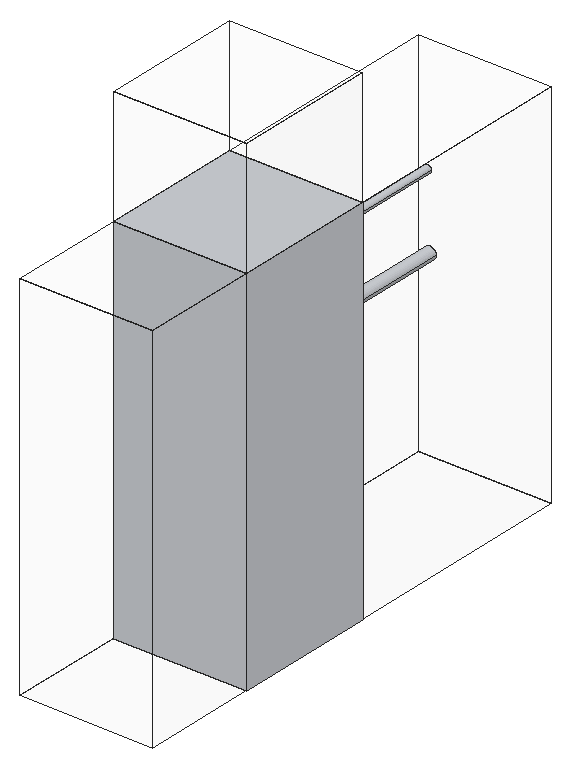
Revit family
Parameters (values of type "PBN2001")
  WATER CONN SIZE = 2 1/2"  # constant formula
  Voltage/Heater = "120"
  Total Amps = "6.5"
  Top Clearance Depth = 24"
  SES BIM Studio # = "201264901-7"
  GAS CONN SIZE = Gas Conn Radius * 2  # 1 1/2"
  Front Clearance Depth = 24"
  EXHAUST VENT SIZE = Exhaust Vent Radius * 2  # 14"
  Drain Radius = 3/8"  # constant formula
  Control Voltage = "24"
  C_WIDTH = 27 1/4"
  Exhaust Vent Radius = 7"
  G_Exhaust Vent Length = 8"
  M_Exhaust Vent Height = 27 1/2"
  F_Exhaust Vent Offset From Left = 13 1/2"
  URL = "http://www.lochinvar.com/products/default.aspx?type=productline&lineid=6"
  L_Water Outlet Offset From Left = 5 3/4"
  OUTPUT RATE (BTUH) = "1680000"
  Model = "PBN2001"
  Manufacturer = "Lochinvar"
  MODEL NO. = "PBN2001"
  B_LENGTH = 29 3/4"
  Keynote = ""
  Pipe Lengths = 24 1/2"
  K_Water Inlet & Outlet Height = 54 3/4"
  N_Water Inlet Offset From Left = 21 1/2"
  INPUT RATE (BTUH) = "2000000"
  A_HEIGHT = 76 3/4"
  D_Gas Conn Height = 70"
  Gas Conn Radius = 3/4"
  E_Gas Conn Offset From Left = 21"
  FUEL TYPE = ""
  Description = "Power-Fin Boiler"
  Back Clearance Depth = Pipe Lengths + 24"  # 48 1/2"
  Air Inlet Radius = 4"
  J_Air Inlet Offset From Left = 9 1/2"
  H_Air Inlet Offset From Top = 10"
  AIR INLET SIZE = Air Inlet Radius * 2  # 8"
  # of Connections = "1"
Types (8): name | Total Amps | Top Clearance Depth | GAS CONN SIZE | Front Clearance Depth | EXHAUST VENT SIZE | C_WIDTH | Exhaust Vent Radius | G_Exhaust Vent Length | M_Exhaust Vent Height | F_Exhaust Vent Offset From Left | L_Water Outlet Offset From Left | OUTPUT RATE (BTUH) | Model | MODEL NO. | B_LENGTH | Pipe Lengths | K_Water Inlet & Outlet Height | N_Water Inlet Offset From Left | INPUT RATE (BTUH) | A_HEIGHT | D_Gas Conn Height | Gas Conn Radius | E_Gas Conn Offset From Left | Back Clearance Depth | Air Inlet Radius | J_Air Inlet Offset From Left | H_Air Inlet Offset From Top | AIR INLET SIZE
  (no name) | "6.5" | 24" | 1 1/2" | 24" | 14" | 27 1/4" | 7" | 8" | 27 1/2" | 13 1/2" | 5 3/4" | "1680000" | "PBN2001" | "PBN2001" | 29 3/4" | 24 1/2" | 54 3/4" | 21 1/2" | "2000000" | 76 3/4" | 70" | 3/4" | 21" | 48 1/2" | 4" | 9 1/2" | 10" | 8"
  PBN0502 | "6.7" | 0" | 1" | 0" | 7" | 23 1/4" | 3 1/2" | 6" | 11 1/4" | 6 1/2" | 11 1/2" | "425000" | "PBN0502" | "PBN0502" | 28 1/2" | 15 1/4" | 23" | 17 1/2" | "500000" | 44 1/2" | 34" | 1/2" | 17 3/4" | 39 1/4" | 2 1/2" | 7 3/4" | 8" | 5"
  PBN0752 | "6.7" | 0" | 1 1/4" | 0" | 9" | 23 1/4" | 4 1/2" | 6" | 11 1/4" | 6 3/4" | 11 1/2" | "638000" | "PBN0752" | "PBN0752" | 28 1/2" | 15 1/4" | 30 1/2" | 17 1/2" | "750000" | 52" | 41 1/2" | 5/8" | 17 3/4" | 39 1/4" | 2 1/2" | 7 3/4" | 8" | 5"
  PBN1002 | "6.7" | 0" | 1 1/4" | 0" | 10" | 23 1/4" | 5" | 6" | 11 1/4" | 7 1/4" | 11 1/2" | "850000" | "PBN1002" | "PBN1002" | 28 1/2" | 15 1/4" | 37 3/4" | 17 1/2" | "999000" | 59 1/4" | 48 3/4" | 5/8" | 17 3/4" | 39 1/4" | 3" | 7 3/4" | 8" | 6"
  PBN1302 | "6.7" | 0" | 1 1/4" | 0" | 12" | 23 1/4" | 6" | 6" | 19 1/2" | 8 1/4" | 11 1/2" | "1105000" | "PBN1302" | "PBN1302" | 28 1/2" | 15 1/4" | 46 1/4" | 17 1/2" | "1300000" | 67 3/4" | 57 1/4" | 5/8" | 17 3/4" | 39 1/4" | 3" | 7 3/4" | 8" | 6"
  PBN1501 | "6.5" | 0" | 1 1/2" | 0" | 12" | 27 1/4" | 6" | 8" | 22 1/4" | 13 1/2" | 5 3/4" | "1260000" | "PBN1501" | "PBN1501" | 29 3/4" | 24 1/2" | 43 1/2" | 21 1/2" | "1500000" | 65 1/2" | 58 3/4" | 3/4" | 21" | 48 1/2" | 3" | 9 1/2" | 10" | 6"
  PBN1701 | "6.5" | 0" | 1 1/2" | 0" | 14" | 27 1/4" | 7" | 8" | 25" | 13 1/2" | 5 3/4" | "1428000" | "PBN1701" | "PBN1701" | 29 3/4" | 24 1/2" | 48" | 21 1/2" | "1700000" | 70" | 63 1/4" | 3/4" | 21" | 48 1/2" | 3 1/2" | 9 1/2" | 10" | 7"
  PBN2001 | "6.5" | 24" | 1 1/2" | 24" | 14" | 27 1/4" | 7" | 8" | 27 1/2" | 13 1/2" | 5 3/4" | "1680000" | "PBN2001" | "PBN2001" | 29 3/4" | 24 1/2" | 54 3/4" | 21 1/2" | "2000000" | 76 3/4" | 70" | 3/4" | 21" | 48 1/2" | 4" | 9 1/2" | 10" | 8"
Reference planes (in)
  plane 1 "Back": y = -9.25
  plane 2: z = 0
  plane 3 "Left": x = -4
  plane 4 "Front": y = -39
  plane 5 "Right": x = 23.25
  plane 6 "Pipe Length": y = 15.25
  plane 7 "Vent Length": y = -1.25
Forms (in)
  Extrusion 1, solid
    sketch origin (2, -32, 0) x (1, 0, 0) y (0, 1, 0)
      loop
        line (-6, -7) -> (21.25, -7) -> (21.25, 22.75) -> (-6, 22.75) -> (-6, -7)
    from 0 to 76.75 <- "A_HEIGHT"
  Extrusion 2, solid
    sketch origin (0, -9.25, 0) x (1, 0, 0) y (0, 0, 1)
      loop
        circle (9.5, 27.5) r 7
    from 0 to -8
  Extrusion 3, solid
    sketch origin (0, -9.25, 0) x (1, 0, 0) y (0, 0, 1)
      loop
        circle (1.75, 54.75) r 1.25
    from 0 to -24.5 <- "Pipe Lengths"
  Extrusion 4, solid
    sketch origin (7, -9.25, 0) x (1, 0, 0) y (0, 0, 1)
      loop
        circle (10.5, 54.75) r 1.25
    from 0 to -24.5
  Extrusion 5, solid
    sketch origin (7, -9.25, 9) x (1, 0, 0) y (0, 0, 1)
      loop
        circle (10, 61) r 0.75
    from 0 to -24.5
  Extrusion 6, solid
    sketch origin (0, -9.25, 0) x (1, 0, 0) y (0, 0, 1)
      loop
        circle (5.5, 66.75) r 4
    from 0 to -8
  Extrusion 7, solid, material "Clearance"
    sketch origin (-4, -9.25, 0) x (1, 0, 0) y (0, 0, -1)
      loop
        line (27.25, -76.75) -> (27.25, 0) -> (0, 0) -> (0, -76.75) -> (27.25, -76.75)
    from 0 to 48.5 <- "Back Clearance Depth"
  Extrusion 8, solid, material "Clearance"
    sketch origin (2, -32, 76.75) x (1, 0, 0) y (0, 1, 0)
      loop
        line (-6, 22.75) -> (-6, -7) -> (21.25, -7) -> (21.25, 22.75) -> (-6, 22.75)
    from 0 to 24
  Extrusion 9, solid, material "Clearance"
    sketch origin (23.25, -39, 0) x (-1, 0, 0) y (0, 0, -1)
      loop
        line (27.25, -76.75) -> (27.25, 0) -> (0, 0) -> (0, -76.75) -> (27.25, -76.75)
    from 0 to 24
  Extrusion 10, solid
    sketch origin (5.91779, -11.25, -26.39521) x (1, 0, 0) y (0, 0, 1)
      loop
        circle (9.5, 27.5) r 0.375
    from 0 to -8
  Extrusion 11, solid
    sketch origin (3.91779, -11.25, -26.39521) x (1, 0, 0) y (0, 0, 1)
      loop
        circle (9.5, 27.5) r 0.375
    from 0 to -8
Dimensions and locks (in)
  "F_Exhaust Vent Offset From Left": Extrusion 1 to Extrusion 2 sketch curve
  "M_Exhaust Vent Height": Extrusion 1 to Extrusion 2 sketch curve
  "L_Water Outlet Offset From Left": Extrusion 1 to Extrusion 3 sketch curve
  "K_Water Inlet & Outlet Height": level to Extrusion 3 sketch curve
  "K_Water Inlet & Outlet Height": level to Extrusion 4 sketch curve
  "N_Water Inlet Offset From Left": Extrusion 1 to Extrusion 4 sketch curve
  "E_Gas Conn Offset From Left": Extrusion 1 to Extrusion 5 sketch curve
  "D_Gas Conn Height": level to Extrusion 5 sketch curve
  "J_Air Inlet Offset From Left": Extrusion 1 to Extrusion 6 sketch curve
  "H_Air Inlet Offset From Top": Extrusion 6 sketch curve to Extrusion 1
  "B_LENGTH": plane 4 "Front" to plane 1 "Back"
  "C_WIDTH": plane 3 "Left" to plane 5 "Right"
  "G_Exhaust Vent Length": plane 1 "Back" to plane 7 "Vent Length"
  "Pipe Lengths": plane 1 "Back" to plane 6 "Pipe Length"
  "Exhaust Vent Radius": radius of Extrusion 2 sketch curve
  radius of Extrusion 3 sketch curve = 1 1/4"
  radius of Extrusion 4 sketch curve = 1 1/4"
  "Gas Conn Radius": radius of Extrusion 5 sketch curve
  "Air Inlet Radius": radius of Extrusion 6 sketch curve
  "Drain Radius": radius of Extrusion 10 sketch curve
  "Drain Radius": radius of Extrusion 11 sketch curve
  aligned and locked: Extrusion 1 to plane 3 "Left"  (x2)
  aligned and locked: Extrusion 1 to plane 1 "Back"  (x2)
  aligned and locked: Extrusion 1 to plane 4 "Front"
  aligned and locked: Extrusion 1 to plane 5 "Right"
  aligned and locked: Extrusion 5 to plane 6 "Pipe Length"
  aligned and locked: Extrusion 3 to plane 6 "Pipe Length"
  aligned and locked: Extrusion 4 to plane 6 "Pipe Length"
  aligned and locked: Extrusion 2 to plane 7 "Vent Length"
  aligned and locked: Extrusion 7 sketch curve to Extrusion 1  (x4)
  aligned and locked: Extrusion 8 sketch curve to Extrusion 1  (x3)
  aligned and locked: Extrusion 8 sketch curve to Extrusion 7
  aligned and locked: Extrusion 9 sketch curve to Extrusion 1  (x4)
Automatic sketch dimensions
  plane 3 "Left" to Extrusion 1 sketch curve = 0"
  plane 1 "Back" to Extrusion 1 sketch curve = 29 3/4"
  plane 3 "Left" to Extrusion 1 sketch curve = 27 1/4"
  Extrusion 1 sketch curve to Extrusion 1 sketch curve = 29 3/4"
  level to Extrusion 10 sketch curve = 1.10479"
  plane 5 "Right" to Extrusion 10 sketch curve = 7.83221"
  level to Extrusion 11 sketch curve = 1.10479"
  plane 5 "Right" to Extrusion 11 sketch curve = 9.83221"
Connectors (in)
  piping at (17, 15.25, 70), driven by "Gas Conn Radius"
    settings: on Extrusion 5, index 2, connector radius 3/4", flow factor 0, pipe flow 0 GPM, pressure drop 0.00 psi, fitting loss kfactor 0, connector angle 0.00°, fixture units 0, flow configuration 1, flow direction 1, fitting loss method 0, system type 22, connector reference index -1, connector utility 0, adjustable connector no, is connector primary yes, fitting loss table "", connector description "Gas Connection"
  piping at (17.5, 15.25, 54.75)
    settings: on Extrusion 4, index 4, connector radius 1 1/4", flow factor 0, pipe flow 0 GPM, pressure drop 0.00 psi, fitting loss kfactor 0, connector angle 0.00°, fixture units 0, flow configuration 0, flow direction 1, fitting loss method 0, system type 7, connector reference index -1, connector utility 0, adjustable connector no, is connector primary no, fitting loss table "", connector description "Cold Water Inlet"
  piping at (1.75, 15.25, 54.75)
    settings: on Extrusion 3, index 5, connector radius 1 1/4", flow factor 0, pipe flow 0 GPM, pressure drop 0.00 psi, fitting loss kfactor 0, connector angle 0.00°, fixture units 0, flow configuration 0, flow direction 2, fitting loss method 0, system type 7, connector reference index -1, connector utility 0, adjustable connector no, is connector primary no, fitting loss table "", connector description "Hot Water Outlet"
  hvac at (9.5, -1.25, 27.5), driven by "Exhaust Vent Radius"
    settings: on Extrusion 2, index 6, duct flow 0 CFM, flow factor 0, pres drop 0.00 in-wg, loss coef 0, conn angle 0.00°, conn width 12", conn height 12", conn radius 7", duct sys type 3, conn prof type 0, flow config 0, flow direction 2, loss method 0, conn ref index -1, conn util no, is conn primary yes, conn desc "Exhaust Vent"
  hvac at (5.5, -1.25, 66.75), driven by "Air Inlet Radius"
    settings: on Extrusion 6, index 7, duct flow 0 CFM, flow factor 0, pres drop 0.00 in-wg, loss coef 0, conn angle 0.00°, conn width 12", conn height 12", conn radius 4", duct sys type 1, conn prof type 0, flow config 0, flow direction 1, loss method 0, conn ref index -1, conn util no, is conn primary no, conn desc "Air Inlet Conn"
  piping at (15.41779, -3.25, 1.10479), driven by "Drain Radius"
    settings: on Extrusion 10, index 8, connector radius 3/8", flow factor 0, pipe flow 0 GPM, pressure drop 0.00 psi, fitting loss kfactor 0, connector angle 0.00°, fixture units 0, flow configuration 0, flow direction 2, fitting loss method 0, system type 22, connector reference index -1, connector utility 0, adjustable connector no, is connector primary no, fitting loss table "", connector description "Drain 1"
  piping at (13.41779, -3.25, 1.10479), driven by "Drain Radius"
    settings: on Extrusion 11, index 9, connector radius 3/8", flow factor 0, pipe flow 0 GPM, pressure drop 0.00 psi, fitting loss kfactor 0, connector angle 0.00°, fixture units 0, flow configuration 0, flow direction 2, fitting loss method 0, system type 22, connector reference index -1, connector utility 0, adjustable connector no, is connector primary no, fitting loss table "", connector description "Drain 2"
